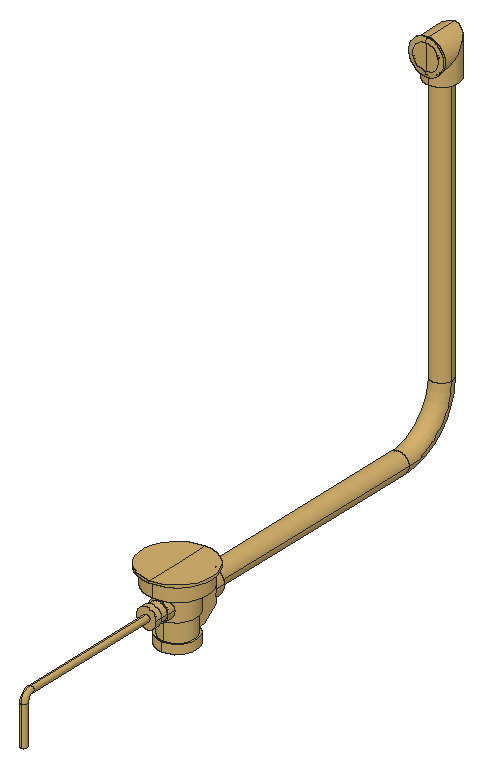
Revit family "QF_FISHER_22306", category Specialty Equipment, Revit 2014
Parameters
  Weight in Pounds = 0
  Waste Water Discharge Temperature = 0 °F
  URL Cutsheet = ""
  Specification by User = ""
  Specification by Manufacturer = ""
  Serial Number = ""
  Seismic Rating = ""
  SMACNA No = ""
  Revision Code = ""
  NAFEM Spec ID Number = ""
  Model = "22306"
  Masterspec = ""
  Manufacturer = "FISHER"
  Length = 8"
  Item Number = ""
  Installed By = ""
  Indirect Waste Size = 3/4"
  Indirect Waste Flow = 0 GPM
  Indirect Waste Connection Type = ""
  Indirect Waste Connection Height = 0"
  Identify Quantity as Lot = yes
  Height = 8"
  Furnished By = ""
  Foodservice Equipment Identifier = yes
  Fixture Finish = QF_Metal - Brass - Polished
  Description = "DRAIN,LEVER HANDLE, WITH OVERFLOW"
  Depth = 10"
  CSI MasterFormat = ""
Reference planes
  plane 1 "BACK": y = 0
  plane 2: z = 0
  plane 3 "LEFT": x = 0
  plane 4 "RIGHT": x = 203.2
  plane 5 "FRONT": y = -254
  plane 6 "TOP": z = 203.2
  plane 7 "Center Y": x = 101.6
  plane 8 "Center X": y = -127
  plane 9: y = 28.575
  plane 10: x = 50.8
  plane 11: x = 152.4
  plane 12: z = 79.375
  plane 13: x = -38.1
  plane 14: x = 241.3
Dimensions and locks
  equal spacing: plane 3 "LEFT", plane 7 "Center Y", plane 4 "RIGHT"
  "Length": plane 3 "LEFT" to plane 4 "RIGHT"
  equal spacing: plane 5 "FRONT", plane 8 "Center X", plane 1 "BACK"
  "Depth": plane 5 "FRONT" to plane 1 "BACK"
  "Height": plane 6 "TOP" to level
  plane 11 to plane 7 "Center Y" to plane 10 = 2" locked, 2" locked
  plane 7 "Center Y" to plane 13 = 5 1/2"
  plane 13 to plane 14 = 11"
  aligned and locked: level to plane 2
Nested families
  nested 1: "waste_valve-fisher-drainking-flat_strainer_and_19x21_overflow" at (101.6, 0, 0), type "22306"
Connectors
  piping at (101.6, 0, -106.045), diameter 19.05, driven by "Indirect Waste Size"
    settings: on nested 1, index 1, connector inside diameter 24", connector length 0", flow factor 0, pipe flow 0 GPM, pressure drop 0.00 psi, fitting loss kfactor 0, connector angle 0.00°, fixture units 0, engagement length 0", angle of deflection 0.00°, flow configuration 1, flow direction 2, fitting loss method 0, system type 16, joint type 0, gender type 0, connector reference index -1, connector utility 0, adjustable connector no, is connector primary yes, connector description "DRAIN"
Definition of nested family "waste_valve-fisher-drainking-flat_strainer_and_19x21_overflow"
  Parameters (values of type "22306")
    Waste Connection Radius = 3/4"
    Waste Connection = no
    WFU = 0
    W Connection Diameter = Waste Connection Radius * 2  # 1 1/2"
    Waste Connection Description = "Waste Out"
    URL = "www.fisher-mfg.com"
    Type Comments = "Brass Finish"
    Model = "22306"
    Manufacturer = "Fisher Manufacturing"
    Fixture Finish = Metal - Fisher - Brass
    Drain Rate = 20 GPM
    Description = "DrainKing Waste Valve with Flat Strainer and 19\"X21\" Overflow"
    Default Elevation = 48"
    B = 19 1/4"
    Assembly Code = "D2030300"
    A = 19"
  Types (3): name | Type Comments | Model | Fixture Finish
    (no name) | "Brass Finish" | "22306" | Metal - Fisher - Brass
    22306 | "Brass Finish" | "22306" | Metal - Fisher - Brass
    28940 | "Chrome Plated Finish" | "28940" | Metal - Fisher - Chrome Plated
  Reference planes
    plane 1 "Center (Front/Back)": y = 0
    plane 2: z = 0
    plane 3 "Center (Left/Right)": x = 0
    plane 4: y = -53.975
    plane 5: y = -46.863
    plane 6: y = -29.464
    plane 7: z = 3.175
    plane 8: y = -25.908
    plane 9: z = -106.045
    plane 10: z = -92.583
    plane 11: z = -62.332
    plane 12: z = -46.457
    plane 13: z = -24.232
    plane 14: z = -106.045
    plane 15: z = -46.457
    plane 16: z = 3.175
    plane 17: y = -37.084
    plane 18: y = -59.233
    plane 19: y = -49.581
    plane 20: y = -295.275
    plane 21: z = -120.117
    plane 22: y = -33.655
    plane 23: y = -295.275
    plane 24: y = -53.164
    plane 25: z = -31.318
    plane 26: z = -61.798
    plane 27: z = -32.614
    plane 28: z = -60.606
    plane 29: z = -30.582
    plane 30: z = -62.332
    plane 31: y = 53.975
    plane 32: y = 46.863
    plane 33: y = 29.464
    plane 34: y = 25.908
    plane 35: y = 29.464
    plane 36: y = -53.975
    plane 37: y = -46.863
    plane 38: y = -29.464
    plane 39: y = -25.908
    plane 40: y = -29.464
    plane 41: z = -24.213
    plane 42: z = -92.583
    plane 43: z = -37.134
    plane 44: y = -304.598
    plane 45: y = -285.952
    plane 46: z = -55.779
    plane 47: x = -53.975
    plane 48: x = -46.863
    plane 49: x = -29.464
    plane 50: x = -25.908
    plane 51: x = 53.975
    plane 52: x = 46.863
    plane 53: x = 29.464
    plane 54: x = 25.908
    plane 55: z = -24.232
    plane 56: z = -62.332
    plane 57: z = -92.583
    plane 58: x = -9.323
    plane 59: x = 9.323
    plane 60: y = 47.625
    plane 61: z = -65.913
    plane 62 "center": z = -45.072
    plane 63: z = -84.125
    plane 64: y = 25.908
    plane 65: x = -20.841
    plane 66: x = 20.841
    plane 67: y = 60.325
    plane 68: y = 482.6
    plane 69: z = 492.125
    plane 70: z = 511.048
    plane 71: z = 473.202
    plane 72: y = 479.298
    plane 73: y = 482.6
    plane 74: y = 480.568
    plane 75: z = 519.176
    plane 76: z = 465.074
    plane 77: y = 509.6
    plane 78: z = 451.485
    plane 79: y = 525.475
    plane 80: z = -60.947
    plane 81: y = 493.725
    plane 82: z = -45.072
    plane 83: z = -29.197
    plane 84: z = -21.565
    plane 85: z = -68.58
    plane 86: y = 51.588
    plane 87: z = 470.222
    plane 88: x = -4.762
    plane 89: x = 4.763
    plane 90: z = -41.694
    plane 91: z = -51.219
    plane 92: y = -290.513
    plane 93: y = -300.038
    plane 94: z = -58.76
    plane 95: y = -282.972
    plane 96: x = -15.875
    plane 97: x = 15.875
  Forms (mm)
    Extrusion 1, solid
      sketch origin (0, 0, 0) x (1, 0, 0) y (0, 1, 0)
        loop
          line (-1219.2, 1219.2) -> (-1219.2, -1219.2) -> (1219.2, -1219.2) -> (1219.2, 1219.2) -> (-1219.2, 1219.2)
      from 0 to -304.8
    Revolve 2, solid, material "Metal - Fisher - Brass" <- "Fixture Finish"
      sketch origin (0, 0, 0) x (0, 1, 0) y (0, 0, 1)
        loop
          line (0, 3.175) -> (-53.975, 3.175) -> (-53.975, 0) -> (-46.863, 0) -> (-46.863, -24.232) -> (-29.464, -24.232) -> (-29.464, -62.332) -> (-25.908, -62.332) -> (-25.908, -92.583) -> (-29.464, -92.583) -> (-29.464, -106.045) -> (0, -106.045) -> (0, 3.175)
        axis (0, -106.045) -> (0, 3.175)
      angle from 0 to 360
    Extrusion 3, solid, material "Metal - Fisher - Brass" <- "Fixture Finish"
      sketch origin (0, 0, 0) x (1, 0, 0) y (0, 0, 1)
        loop
          circle (0, -46.457) r 15.875
      from 0 to 37.084
    Extrusion 4, solid, material "Metal - Fisher - Brass" <- "Fixture Finish"
      sketch origin (0, 0, 0) x (1, 0, 0) y (0, 0, 1)
        loop
          circle (0, -46.457) r 13.843
      from 37.084 to 49.581
    Extrusion 5, solid, material "Metal - Fisher - Brass" <- "Fixture Finish"
      sketch origin (0, 0, 0) x (1, 0, 0) y (0, 0, 1)
        loop
          circle (0, -46.457) r 15.138
      from 49.581 to 59.233
    Sweep 6, solid, material "Metal - Fisher - Brass" <- "Fixture Finish"
      path origin (0, 0, 0) x (0, 1, 0) y (0, 0, 1)
        loop
          line (-33.655, -46.457) -> (-282.575, -46.457)
          arc (-282.575, -46.457) -> (-291.555, -50.176) -> (-295.275, -59.157) r 12.7
          line (-295.275, -59.157) -> (-295.275, -120.117)
      profile origin (0, -158.115, -46.457) x (0, 0, -1) y (1, 0, 0)
        loop
          circle (0, 0) r 4.763
    Extrusion 7, solid, material "Metal - Fisher - Brass" <- "Fixture Finish"
      sketch origin (0, 0, 0) x (1, 0, 0) y (0, 0, 1)
        loop
          circle (0, -45.072) r 20.841
      from -47.625 to 0
    Extrusion 8, solid, material "Metal - Fisher - Brass" <- "Fixture Finish"
      sketch origin (0, 0, 0) x (0, 1, 0) y (0, 0, 1)
        loop
          line (47.625, -65.913) -> (47.625, -45.072) -> (0, -45.072) -> (0, -84.125) -> (25.908, -84.125) -> (47.625, -65.913)
      from -20.841 to 20.841
    Extrusion 9, solid, material "Metal - Fisher - Brass" <- "Fixture Finish"
      sketch origin (0, 0, 0) x (1, 0, 0) y (0, 0, 1)
        loop
          circle (0, -45.072) r 23.508
      from -60.325 to -47.625
    Revolve 10, solid, material "Metal - Fisher - Brass" <- "Fixture Finish"
      sketch origin (0, 0, 0) x (0, 1, 0) y (0, 0, 1)
        loop
          line (482.6, 465.074) -> (482.6, 492.125) -> (479.298, 492.125) -> (479.298, 472.277) -> (480.568, 465.074) -> (482.6, 465.074)
        axis (479.298, 492.125) -> (482.6, 492.125)
      angle from 0 to 360
    Sweep 11, solid, material "Metal - Fisher - Brass" <- "Fixture Finish"
      path origin (0, 0, 0) x (0, 1, 0) y (0, 0, 1)
        loop
          line (509.6, 451.485) -> (509.6, 492.125) -> (482.6, 492.125)
      profile origin (0, 496.1, 492.125) x (0, 0, -1) y (1, 0, 0)
        loop
          circle (0, 0) r 25.4
    Sweep 12, solid, material "Metal - Fisher - Brass" <- "Fixture Finish"
      path origin (0, 0, 0) x (0, 1, 0) y (0, 0, 1)
        loop
          line (509.6, 451.485) -> (509.6, 37.478)
          arc (509.6, 37.478) -> (485.422, -20.894) -> (427.05, -45.072) r 82.55
          line (427.05, -45.072) -> (60.325, -45.072)
      profile origin (0, 509.6, 244.481) x (1, 0, 0) y (0, 1, 0)
        loop
          circle (0, 0) r 15.875
  Cuts and joins
    joined: Revolve 2, Extrusion 3, Extrusion 4, Extrusion 5, Sweep 6, Extrusion 7, Extrusion 8, Extrusion 9, Revolve 10, Sweep 11, Sweep 12
  Lines and regions (mm)
    Masking region 1
      outline origin (0, 0, 0) x (1, 0, 0) y (0, 1, 0)
        loop
          circle (0, 0) r 53.975
    Masking region 2
      outline origin (0, 0, 0) x (0, 1, 0) y (0, 0, 1)
        loop
          line (53.975, 3.175) -> (-53.975, 3.175) -> (-53.975, 0) -> (-46.863, 0) -> (-46.863, -24.213) -> (-29.464, -24.213) -> (-29.464, -30.582) -> (-37.084, -30.582) -> (-37.084, -32.614) -> (-49.581, -32.614) -> (-49.581, -31.318) -> (-59.233, -31.318) -> (-59.233, -41.694) -> (-282.972, -41.694)
          arc (-282.972, -41.694) -> (-295.039, -46.693) -> (-300.038, -58.76) r 17.066
          line (-300.038, -58.76) -> (-300.038, -120.117) -> (-290.513, -120.117) -> (-290.513, -58.76)
          arc (-290.513, -58.76) -> (-288.304, -53.428) -> (-282.972, -51.219) r 7.541
          line (-282.972, -51.219) -> (-59.233, -51.219) -> (-59.233, -61.798) -> (-49.581, -61.798) -> (-49.581, -60.606) -> (-37.084, -60.606) -> (-37.084, -62.332) -> (-25.908, -62.332) -> (-25.908, -92.583) -> (-29.464, -92.583) -> (-29.464, -106.045) -> (29.464, -106.045) -> (29.464, -92.583) -> (25.908, -92.583) -> (25.908, -84.125) -> (47.625, -65.913) -> (47.625, -68.58) -> (60.325, -68.58) -> (60.325, -21.565) -> (46.863, -21.565) -> (46.863, 0) -> (53.975, 0) -> (53.975, 3.175)
    Masking region 3
      outline origin (0, 0, 0) x (1, 0, 0) y (0, 0, 1)
        loop
          line (-53.975, 3.175) -> (-53.975, 0) -> (-46.863, 0) -> (-46.863, -24.232) -> (-29.464, -24.232) -> (-29.464, -62.332) -> (-25.908, -62.332) -> (-25.908, -92.583) -> (-29.464, -92.583) -> (-29.464, -106.045) -> (-4.762, -106.045) -> (-4.762, -120.117) -> (4.763, -120.117) -> (4.763, -106.045) -> (29.464, -106.045) -> (29.464, -92.583) -> (25.908, -92.583) -> (25.908, -62.332) -> (29.464, -62.332) -> (29.464, -24.232) -> (46.863, -24.232) -> (46.863, 0) -> (53.975, 0) -> (53.975, 3.175) -> (-53.975, 3.175)
    Masking region 4
      outline origin (0, 0, 0) x (0, 1, 0) y (0, 0, 1)
        loop
          line (482.6, 519.176) -> (480.568, 519.176) -> (479.298, 511.973) -> (479.298, 472.277) -> (480.568, 465.074) -> (482.6, 465.074) -> (482.6, 466.725) -> (484.2, 466.725) -> (484.2, 451.485) -> (493.725, 451.485) -> (493.725, 37.478)
          arc (493.725, 37.478) -> (474.197, -9.669) -> (427.05, -29.197) r 66.675
          line (427.05, -29.197) -> (60.325, -29.197) -> (60.325, -60.947) -> (427.05, -60.947)
          arc (427.05, -60.947) -> (496.647, -32.119) -> (525.475, 37.478) r 98.425
          line (525.475, 37.478) -> (525.475, 451.485) -> (535, 451.485) -> (535, 517.525) -> (482.6, 517.525) -> (482.6, 519.176)
    Masking region 5
      outline origin (0, 0, 0) x (1, 0, 0) y (0, 0, 1)
        loop
          circle (0, 492.125) r 25.4
    Masking region 6
      outline origin (0, 0, 0) x (1, 0, 0) y (0, 1, 0)
        loop
          line (-19.848, 479.298) -> (19.848, 479.298) -> (27.052, 480.568) -> (27.052, 482.6) -> (25.4, 482.6) -> (25.4, 509.6)
          arc (25.4, 509.6) -> (0, 535) -> (-25.4, 509.6) r 25.4
          line (-25.4, 509.6) -> (-25.4, 482.6) -> (-27.052, 482.6) -> (-27.052, 480.568) -> (-19.848, 479.298)
    symbolic lines
      curve 1: arc (-9.323, -295.275, 0) -> (0, -304.598, 0) -> (9.323, -295.275, 0) r 9.323
      curve 2: line (-9.323, -295.275, 0) -> (-9.323, -53.164, 0)
      curve 3: line (9.323, -295.275, 0) -> (9.323, -53.164, 0)
      curve 17: line (0, -59.233, -41.694) -> (0, -59.233, -51.219)
      curve 19: line (-15.875, 509.6, 0) -> (-15.875, 51.588, 0)
      curve 20: line (15.875, 509.6, 0) -> (15.875, 51.588, 0)
      curve 21: arc (15.875, 509.6, 0) -> (0, 525.475, 0) -> (-15.875, 509.6, 0) r 15.875
      curve 22: line (-15.875, 0, 472.301) -> (-15.875, 0, 3.175)
      curve 23: line (15.875, 0, 472.301) -> (15.875, 0, 3.175)
    symbolic lines, detail levels medium+fine
      curve 4: line (-46.863, 0, 0) -> (46.863, 0, 0)
      curve 5: line (-29.464, 0, -24.232) -> (29.464, 0, -24.232)
      curve 6: line (-4.762, 0, -106.045) -> (-4.762, 0, -46.457)
      curve 7: line (4.763, 0, -106.045) -> (4.763, 0, -46.457)
      curve 8: line (-25.908, 0, -62.332) -> (-4.762, 0, -62.332)
      curve 9: line (4.763, 0, -62.332) -> (25.908, 0, -62.332)
      curve 10: line (-25.908, 0, -92.583) -> (-4.762, 0, -92.583)
      curve 11: line (4.763, 0, -92.583) -> (25.908, 0, -92.583)
      curve 12: line (0, 46.863, 0) -> (0, -46.863, 0)
      curve 13: line (0, 25.908, -92.583) -> (0, -25.908, -92.583)
      curve 14: line (0, -33.655, -30.582) -> (0, -33.655, -62.332)
      curve 15: line (0, -37.084, -32.614) -> (0, -37.084, -60.606)
      curve 16: line (0, -49.581, -32.614) -> (0, -49.581, -60.606)
      curve 24: line (0, 47.625, -65.913) -> (0, 47.625, -21.565)
      curve 25: line (0, 482.6, 517.525) -> (0, 482.6, 466.725)
      curve 26: line (0, 525.475, 451.485) -> (0, 493.725, 451.485)
      curve 27: arc (4.763, 0, -46.457) -> (0, 0, -41.694) -> (-4.762, 0, -46.457) r 4.763
      curve 28: arc (4.763, 0, -61.6) -> (0, 0, -30.582) -> (-4.762, 0, -61.6) r 15.875
      curve 29: circle (0, 0, 492.125) r 19.848 normal (0, -1, 0)
      curve 30: circle (0, 0, 0) r 46.863 normal (0, 0, 1)
    reference lines
      curve 18: line (0, 480.568, 465.074) -> (0, 475.055, 496.342)
  Dimensions and locks
    locked: plane 1 "Center (Front/Back)" to plane 4 at 53.975
    locked: plane 5 to plane 4 at 7.112
    locked: plane 7 to level at 3.175
    locked: plane 1 "Center (Front/Back)" to plane 6 at 29.464
    locked: plane 1 "Center (Front/Back)" to plane 8 at 25.908
    plane 7 to plane 9 = 4.3"
    locked: plane 12 to plane 9 at 59.588
    locked: plane 10 to plane 9 at 13.462
    locked: plane 11 to plane 10 at 30.251
    locked: level to plane 13 at 24.232
    locked: plane 16 to plane 14 at 109.22
    locked: plane 15 to plane 14 at 59.588
    locked: plane 16 to level at 3.175
    locked: plane 1 "Center (Front/Back)" to plane 17 at 37.084
    locked: plane 17 to plane 18 at 22.149
    locked: plane 1 "Center (Front/Back)" to plane 20 at 295.275
    plane 15 to plane 21 = 2.9"
    locked: plane 22 to plane 20 at 261.62
    locked: plane 15 to Sweep 6 sketch curve at 12.7
    locked: Sweep 6 sketch curve to plane 20 at 12.7
    Sweep 6 sketch curve to plane 3 "Center (Left/Right)" = 3/16"
    locked: plane 23 to plane 1 "Center (Front/Back)" at 295.275
    locked: plane 24 to plane 1 "Center (Front/Back)" at 53.164
    plane 31 to plane 32 to plane 33 to plane 35 to plane 34 to plane 1 "Center (Front/Back)" = 0.28" locked, 0.685" locked, 0" locked, 0.14" locked, 1.02" locked
    plane 36 to plane 37 to plane 38 to plane 40 to plane 39 to plane 1 "Center (Front/Back)" = 0.28" locked, 0.685" locked, 0" locked, 0.14" locked, 1.02" locked
    plane 45 to plane 23 to plane 44 = 0.36704" locked, 0.36704" locked
    plane 43 to plane 15 to plane 46 = 0.36704" locked, 0.36704" locked
    plane 51 to plane 52 to plane 53 to plane 54 to plane 3 "Center (Left/Right)" to plane 50 to plane 49 to plane 48 to plane 47 = 0.28" locked, 0.685" locked, 0.14" locked, 1.02" locked, 1.02" locked, 0.14" locked, 0.685" locked, 0.28" locked
    Extrusion 1 to plane 55 to plane 56 to plane 57 to plane 14 to plane 21 = 0.954", 1 1/2", 1.191", 0.53", 0.554"
    plane 60 to plane 1 "Center (Front/Back)" = 1 7/8"
    locked: plane 61 to plane 14 at 40.132
    equal spacing: plane 55, plane 62 "center", plane 61
    locked: plane 3 "Center (Left/Right)" to Extrusion 7 sketch curve at 20.841
    locked: plane 61 to plane 63 at 18.212
    locked: plane 64 to plane 1 "Center (Front/Back)" at 25.908
    locked: plane 3 "Center (Left/Right)" to plane 65 at 20.841
    locked: plane 66 to plane 3 "Center (Left/Right)" at 20.841
    locked: plane 3 "Center (Left/Right)" to Extrusion 9 sketch curve at 23.508
    locked: plane 67 to plane 60 at 12.7
    "A": plane 68 to plane 1 "Center (Front/Back)"
    plane 70 to plane 69 to plane 71 = 0.745" locked, 0.745" locked
    plane 75 to plane 69 to plane 76 = 1.065" locked, 1.065" locked
    locked: plane 77 to plane 73 at 27
    locked: plane 69 to plane 78 at 40.64
    plane 73 to plane 74 to plane 72 = 0.08" locked, 0.05" locked
    plane 79 to plane 77 to plane 81 = 5/8" locked, 5/8" locked
    plane 83 to plane 82 to plane 80 = 5/8" locked, 5/8" locked
    "B": plane 69 to plane 16
    locked: plane 3 "Center (Left/Right)" to Sweep 12 sketch curve at 15.875
    locked: plane 55 to plane 84 at 2.667
    locked: plane 62 "center" to plane 85 at 23.508
    Masking region 4 sketch curve to plane 77 to Masking region 4 sketch curve = 1" locked, 1" locked
    Masking region 4 sketch curve to plane 69 to Masking region 4 sketch curve = 1" locked, 1" locked
    locked: plane 1 "Center (Front/Back)" to plane 86 at 51.588
    locked: Sweep 11 to plane 3 "Center (Left/Right)" at 25.4
    locked: plane 69 to plane 87 at 21.903
    locked: plane 3 "Center (Left/Right)" to plane 88 at 4.762
    locked: plane 3 "Center (Left/Right)" to plane 89 at 4.762
    locked: plane 90 to plane 15 at 4.762
    locked: plane 91 to plane 15 at 4.762
    locked: plane 95 to plane 23 at 12.303
    locked: plane 15 to plane 94 at 12.303
    locked: curve 18 to plane 74 (angle 10.00°)
    aligned and locked: plane 2 to Extrusion 1
    aligned and locked: level to Extrusion 1
    aligned and locked: plane 1 "Center (Front/Back)" to Revolve 2 sketch curve
    aligned and locked: level to Revolve 2 sketch curve
    aligned and locked: Revolve 2 sketch curve to plane 1 "Center (Front/Back)"
    aligned and locked: plane 3 "Center (Left/Right)" to Extrusion 3 sketch curve
    aligned and locked: Extrusion 3 to plane 1 "Center (Front/Back)"
    aligned and locked: Revolve 2 sketch curve to plane 7
    aligned and locked: plane 4 to Revolve 2 sketch curve
    aligned and locked: plane 5 to Revolve 2 sketch curve
    aligned and locked: plane 9 to Revolve 2 sketch curve
    aligned and locked: plane 8 to Revolve 2 sketch curve
    aligned and locked: plane 6 to Revolve 2 sketch curve
    aligned and locked: plane 10 to Revolve 2 sketch curve
    aligned and locked: plane 11 to Revolve 2 sketch curve
    aligned and locked: Revolve 2 sketch curve to plane 6
    aligned and locked: plane 13 to Revolve 2 sketch curve
    aligned and locked: plane 15 to Extrusion 3 sketch curve
    aligned and locked: plane 3 "Center (Left/Right)" to Extrusion 4 sketch curve
    aligned and locked: plane 15 to Extrusion 4 sketch curve
    aligned and locked: Extrusion 4 to plane 17
    aligned and locked: plane 15 to Extrusion 5 sketch curve
    aligned and locked: plane 3 "Center (Left/Right)" to Extrusion 5 sketch curve
    aligned and locked: Extrusion 5 to plane 19
    aligned and locked: plane 19 to Extrusion 4
    aligned and locked: plane 18 to Extrusion 5
    aligned and locked: plane 15 to Sweep 6 sketch curve  (x2)
    aligned and locked: plane 20 to Sweep 6 sketch curve
    aligned and locked: plane 21 to Sweep 6 sketch curve
    aligned and locked: plane 22 to Sweep 6 sketch curve
    aligned and locked: plane 3 "Center (Left/Right)" to Sweep 6 sketch curve
    aligned and locked: plane 3 "Center (Left/Right)" to Masking region 1 sketch curve
    aligned and locked: plane 1 "Center (Front/Back)" to Masking region 1 sketch curve
    aligned and locked: plane 24 to curve 3
    aligned and locked: plane 24 to curve 2
    aligned and locked: plane 3 "Center (Left/Right)" to curve 1
    aligned and locked: plane 23 to curve 1
    aligned and locked: Masking region 2 sketch curve to plane 31
    aligned and locked: Masking region 2 sketch curve to plane 16
    aligned and locked: Masking region 2 sketch curve to level
    aligned and locked: Masking region 2 sketch curve to plane 32
    aligned and locked: Masking region 2 sketch curve to plane 34
    aligned and locked: Masking region 2 sketch curve to plane 35
    aligned and locked: Masking region 2 sketch curve to plane 14
    aligned and locked: plane 40 to Masking region 2 sketch curve
    aligned and locked: plane 39 to Masking region 2 sketch curve
    aligned and locked: plane 38 to Masking region 2 sketch curve
    aligned and locked: plane 37 to Masking region 2 sketch curve
    aligned and locked: plane 36 to Masking region 2 sketch curve
    aligned and locked: level to Masking region 2 sketch curve
    aligned and locked: plane 42 to Masking region 2 sketch curve
    aligned and locked: Masking region 2 sketch curve to plane 42
    aligned and locked: plane 41 to Masking region 2 sketch curve
    aligned and locked: Masking region 2 sketch curve to plane 25
    aligned and locked: Masking region 2 sketch curve to plane 27
    aligned and locked: Masking region 2 sketch curve to plane 30
    aligned and locked: plane 17 to Masking region 2 sketch curve
    aligned and locked: Masking region 2 sketch curve to Extrusion 5  (x2)
    aligned and locked: Masking region 2 sketch curve to plane 21
    aligned and locked: Masking region 2 sketch curve to plane 18
    aligned and locked: plane 19 to Masking region 2 sketch curve
    aligned and locked: Masking region 2 sketch curve to plane 17
    aligned and locked: plane 26 to Masking region 2 sketch curve
    aligned and locked: Masking region 2 sketch curve to plane 28
    aligned and locked: plane 29 to Masking region 2 sketch curve
    aligned and locked: Masking region 3 sketch curve to plane 16
    aligned and locked: Masking region 3 sketch curve to plane 47
    aligned and locked: Masking region 3 sketch curve to plane 48
    aligned and locked: Masking region 3 sketch curve to plane 49  (x2)
    aligned and locked: Masking region 3 sketch curve to plane 55  (x2)
    aligned and locked: Masking region 3 sketch curve to plane 56  (x2)
    aligned and locked: Masking region 3 sketch curve to plane 50
    aligned and locked: Masking region 3 sketch curve to plane 57  (x2)
    aligned and locked: Masking region 3 sketch curve to plane 14  (x2)
    aligned and locked: plane 51 to Masking region 3 sketch curve
    aligned and locked: plane 52 to Masking region 3 sketch curve
    aligned and locked: plane 53 to Masking region 3 sketch curve  (x2)
    aligned and locked: Extrusion 1 to Masking region 3 sketch curve  (x2)
    aligned and locked: plane 54 to Masking region 3 sketch curve
    aligned and locked: Masking region 3 sketch curve to plane 21
    aligned and locked: curve 4 to Extrusion 1
    aligned and locked: plane 48 to curve 4
    aligned and locked: plane 52 to curve 4
    aligned and locked: curve 5 to plane 55
    aligned and locked: plane 53 to curve 5
    aligned and locked: plane 49 to Masking region 3
    aligned and locked: plane 14 to curve 6
    aligned and locked: plane 14 to curve 7
    aligned and locked: curve 11 to plane 57
    aligned and locked: curve 10 to plane 57
    aligned and locked: curve 8 to plane 56
    aligned and locked: curve 9 to plane 56
    aligned and locked: plane 50 to curve 8
    aligned and locked: plane 54 to curve 9
    aligned and locked: plane 54 to curve 11
    aligned and locked: plane 50 to curve 10
    aligned and locked: curve 13 to plane 57
    aligned and locked: curve 12 to Extrusion 1
    aligned and locked: Masking region 2 to curve 12
    aligned and locked: curve 12 to Masking region 2
    aligned and locked: curve 13 to Masking region 2
    aligned and locked: Masking region 2 to curve 13
    aligned and locked: curve 14 to plane 22
    aligned and locked: Masking region 2 to curve 14
    aligned and locked: plane 56 to curve 14
    aligned and locked: Masking region 2 to curve 15  (x2)
    aligned and locked: Masking region 2 to curve 16  (x2)
    aligned and locked: Masking region 2 to curve 17  (x2)
    aligned and locked: curve 15 to plane 17
    aligned and locked: curve 16 to plane 19
    aligned and locked: curve 17 to plane 18
    aligned and locked: plane 62 "center" to Extrusion 7 sketch curve
    aligned and locked: plane 3 "Center (Left/Right)" to Extrusion 7 sketch curve
    aligned and locked: plane 1 "Center (Front/Back)" to Extrusion 7
    aligned and locked: Extrusion 7 to plane 60
    aligned and locked: plane 1 "Center (Front/Back)" to Extrusion 8 sketch curve
    aligned and locked: Extrusion 8 sketch curve to plane 63
    aligned and locked: plane 64 to Extrusion 8 sketch curve
    aligned and locked: plane 61 to Extrusion 8 sketch curve
    aligned and locked: Extrusion 8 sketch curve to plane 60
    aligned and locked: Extrusion 8 sketch curve to plane 62 "center"
    aligned and locked: Extrusion 8 to plane 65
    aligned and locked: plane 66 to Extrusion 8
    aligned and locked: plane 62 "center" to Extrusion 9 sketch curve
    aligned and locked: plane 3 "Center (Left/Right)" to Extrusion 9 sketch curve
    aligned and locked: Extrusion 9 to plane 67
    aligned and locked: plane 60 to Extrusion 9
    aligned and locked: plane 74 to curve 18
    aligned and locked: plane 76 to curve 18
    aligned and locked: Revolve 10 sketch curve to plane 76
    aligned and locked: plane 73 to Revolve 10 sketch curve
    aligned and locked: Revolve 10 sketch curve to plane 69
    aligned and locked: Revolve 10 sketch curve to curve 18
    aligned and locked: Revolve 10 sketch curve to plane 72
    aligned and locked: Sweep 11 sketch curve to plane 69
    aligned and locked: Sweep 11 sketch curve to plane 77
    aligned and locked: plane 73 to Sweep 11 sketch curve
    aligned and locked: plane 78 to Sweep 11 sketch curve
    aligned and locked: plane 68 to plane 73
    aligned and locked: plane 62 "center" to plane 82
    aligned and locked: Sweep 12 sketch curve to plane 77
    aligned and locked: Sweep 12 sketch curve to plane 62 "center"
    aligned and locked: plane 78 to Sweep 12 sketch curve
    aligned and locked: plane 67 to Sweep 12 sketch curve
    aligned and locked: plane 77 to Sweep 12 sketch curve
    aligned and locked: plane 3 "Center (Left/Right)" to Sweep 12 sketch curve
    aligned and locked: plane 84 to Masking region 2 sketch curve
    aligned and locked: plane 67 to Masking region 2 sketch curve
    aligned and locked: plane 85 to Masking region 2 sketch curve
    aligned and locked: plane 60 to Masking region 2 sketch curve
    aligned and locked: plane 73 to Masking region 4 sketch curve
    aligned and locked: plane 75 to Masking region 4 sketch curve
    aligned and locked: Masking region 4 sketch curve to plane 72
    aligned and locked: Masking region 4 sketch curve to curve 18
    aligned and locked: Masking region 4 sketch curve to plane 76
    aligned and locked: plane 78 to Masking region 4 sketch curve
    aligned and locked: Masking region 4 sketch curve to plane 73
    aligned and locked: Masking region 4 sketch curve to plane 79
    aligned and locked: Masking region 4 sketch curve to plane 81
    aligned and locked: Masking region 4 sketch curve to plane 78
    aligned and locked: plane 83 to Masking region 4 sketch curve
    aligned and locked: plane 80 to Masking region 4 sketch curve
    aligned and locked: plane 67 to Masking region 4 sketch curve
    aligned and locked: curve 21 to Sweep 12
    aligned and locked: plane 86 to curve 19
    aligned and locked: plane 86 to curve 20
    aligned and locked: plane 3 "Center (Left/Right)" to Masking region 5 sketch curve
    aligned and locked: plane 69 to Masking region 5 sketch curve
    aligned and locked: plane 16 to curve 23
    aligned and locked: plane 16 to curve 22
    aligned and locked: curve 24 to plane 60
    aligned and locked: plane 84 to curve 24
    aligned and locked: plane 61 to curve 24
    aligned and locked: plane 73 to curve 25
    aligned and locked: Masking region 4 to curve 25
    aligned and locked: curve 25 to Masking region 4
    aligned and locked: curve 26 to Sweep 12
    aligned and locked: Masking region 4 to curve 26
    aligned and locked: curve 26 to Masking region 4
    aligned and locked: plane 15 to curve 27  (x3)
    aligned and locked: plane 15 to curve 28
    aligned and locked: plane 3 "Center (Left/Right)" to curve 28
    aligned and locked: plane 69 to curve 29
    aligned and locked: plane 3 "Center (Left/Right)" to curve 29
    aligned and locked: Masking region 6 sketch curve to cut or joined group 1 (Revolve 2, Extrusion 3, Extrusion 4, Extrusion 5, Sweep 6, Extrusion 7, Extrusion 8, Extrusion 9, Revolve 10, Sweep 11, Sweep 12)  (x2)
    aligned and locked: plane 1 "Center (Front/Back)" to curve 30
    aligned and locked: plane 3 "Center (Left/Right)" to curve 30
    aligned and locked: plane 88 to Masking region 3 sketch curve
    aligned and locked: Masking region 3 sketch curve to plane 89
    aligned and locked: plane 88 to curve 6
    aligned and locked: plane 89 to curve 7
    aligned and locked: Masking region 2 sketch curve to plane 90
    aligned and locked: Masking region 2 sketch curve to plane 91
    aligned and locked: plane 92 to cut or joined group 1
    aligned and locked: plane 93 to cut or joined group 1
    aligned and locked: Masking region 2 sketch curve to plane 92
    aligned and locked: plane 94 to Masking region 2 sketch curve  (x2)
    aligned and locked: plane 95 to Masking region 2 sketch curve
    aligned and locked: plane 93 to Masking region 2 sketch curve
    aligned and locked: plane 96 to curve 22
    aligned and locked: plane 97 to curve 23
  Automatic sketch dimensions
    Extrusion 1 sketch curve to Extrusion 1 sketch curve = 96"  (x2)
    plane 7 to Revolve 2 sketch curve = 1.23561"
    Revolve 2 sketch curve to Revolve 2 sketch curve = 3"
    Sweep 11 sketch curve to plane 3 "Center (Left/Right)" = 0"
    Sweep 11 sketch curve to profile plane = 0"
    Revolve 10 sketch curve to plane 69 = 0"
    plane 72 to Revolve 10 sketch curve = 1.08104"
    plane 16 to Sweep 12 sketch curve = 1.3505"
    Revolve 10 sketch curve to Revolve 10 sketch curve = 5.88858"
    Masking region 4 sketch curve to plane 74 = 0"
    plane 72 to Masking region 4 sketch curve = 2.057"
    plane 70 to Masking region 4 sketch curve = 0.03644"
    Masking region 4 sketch curve to Masking region 4 sketch curve = 0"
    curve 2 to plane 58 = 0"
    plane 49 to curve 5 = 0"
    curve 28 to plane 80 = 0.02571"
    plane 68 to Masking region 6 sketch curve = 0"
    plane 77 to Masking region 6 sketch curve = 0"
    Masking region 6 sketch curve to plane 3 "Center (Left/Right)" = 0"
    Masking region 6 sketch curve to plane 65 = 5/128"
    Masking region 6 sketch curve to plane 50 = 0.02"
    Masking region 6 sketch curve to plane 74 = 0"  (x2)
    plane 50 to Masking region 6 sketch curve = 0.04504"
    Masking region 6 sketch curve to plane 66 = 5/128"
    plane 54 to Masking region 6 sketch curve = 0.04504"
    Masking region 2 sketch curve to plane 61 = 0"
    plane 42 to Masking region 2 sketch curve = 0.333"
    curve 22 to plane 71 = 0.03549"
    curve 23 to plane 71 = 0.03549"
    radius of Extrusion 3 sketch curve = 5/8"
    radius of Extrusion 4 sketch curve = 0.545"
    radius of Extrusion 5 sketch curve = 0.596"
    radius of Masking region 1 sketch curve = 2 1/8"
    radius of Sweep 11 sketch curve = 1"
    radius of Masking region 5 sketch curve = 1"
    radius of curve 30 = 1.845"
    radius of curve 29 = 0.78144"
  Connectors
    piping at (0, 0, -106.045), diameter 38.1, driven by "Drain Rate", driven by "Waste Connection Radius", driven by "Waste Connection", driven by "Waste Connection Description", driven by "WFU"
      settings: on cut or joined group 1, index 1, connector inside diameter 1 1/2", connector length 0", flow factor 0, pipe flow 20 GPM, pressure drop 0.00 psi, fitting loss kfactor 0, connector angle 0.00°, fixture units 0, engagement length 0", angle of deflection 0.00°, flow configuration 3, flow direction 2, fitting loss method 0, system type 16, joint type 0, gender type 0, connector reference index -1, connector utility 0, adjustable connector no, is connector primary yes, connector description "Waste Out"
